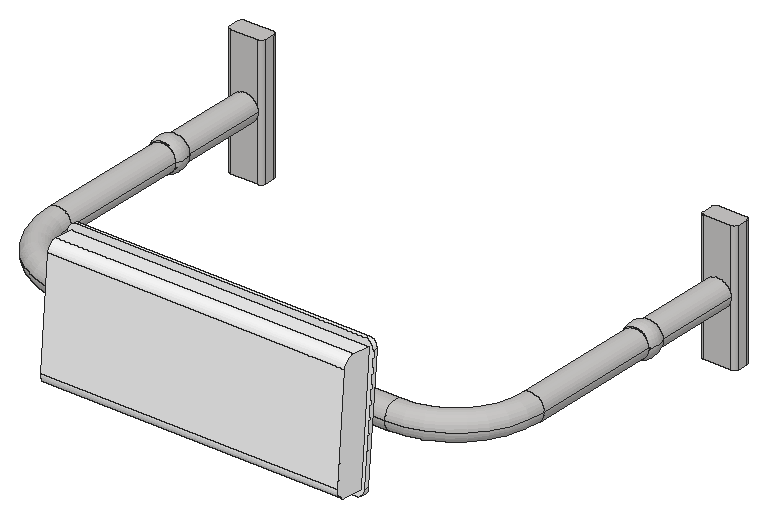
Revit family "rba-bim-rba4150-101", category Plumbing Fixtures, Revit 2015
Parameters (values of type "RBA4150-101")
  Watermarked By = "www.rba.com.au"
  URL = "http://www.rba.com.au/accessible-disabled/grab-rails"
  Phone Number = "1300 788 778"
  OFFSET = 600.00 mm
  Modified Issue = "20160802.01"
  Model = "RBA4150-101"
  Manufacturer = "RBA Group"
  Description = "Accessible Compliant Backrest"
  Copyrighted by = "RBA Group"  # constant formula
  BAR = Stainless Steel, Satin Finish
  Assembly Code = ""
  Accessible Compliant = "AS1428.1-2009 Compliant"
Reference planes
  plane 1 "Center (Front/Back)": y = 0
  plane 2: z = 0
  plane 3: x = 40.5
  plane 4: z = 600
Dimensions and locks
  "OFFSET": plane 4 to plane 2
  locked: plane 3 to nested 1 at 16
  plane 4 to level = 600.00 mm
  aligned and locked: nested 1 to plane 1 "Center (Front/Back)"
  aligned and locked: nested 1 to plane 4
Nested families
  nested 1: "rba-bim-rba4150-101" at (16, 0, 679.461), type "RBA4150-101"
    with R_Void 15.00 mm, R 0.00 mm
Definition of nested family "rba-bim-rba4150-101"
  Parameters (values of type "RBA4150-101")
    Watermarked By = "www.rba.com.au"
    URL = "http://www.rba.com.au/accessible-disabled/grab-rails"
    Seat = none
    R_Void [instance] = 15.00 mm
    R [instance] = 0.00 mm
    Model = "RBA4150-101"
    Manufacturer = "RBA Group"
    Description = "Backrest"
    Bar = none
    Assembly Code = ""
  Reference planes
    plane 1 "Center (Front/Back)": y = 0
    plane 2: z = 0
    plane 3: x = 40.5
    plane 4: y = -458
    plane 5: through (0, -420.934, 423.661) normal (0, -0.9962, 0.0872)
    plane 6: x = 605.5
    plane 7: z = 83.915
    plane 8: y = -125
    plane 9: y = -418
    plane 10: x = 40.5
    plane 11: x = 605.5
    plane 12: x = 205.5
    plane 13: x = 440.5
    plane 14: y = -391.81
    plane 15: x = 605.5
    plane 16: through (0, -391.81, 0) normal (0, 0.0872, 0.9962)
    plane 17: z = -80.085
  Forms (mm)
    Extrusion 1, solid
      sketch origin (434.319, -326.691, 4.921) x (0, 1, 0) y (0, 0, -1)
        loop
          line (-84.097, -71.275) -> (-97.04, 76.664) -> (-120.413, 74.619)
          arc (-120.413, 74.619) -> (-128.506, 70.406) -> (-131.25, 61.703) r 11.922
          line (-131.25, 61.703) -> (-120.385, -62.483)
          arc (-120.385, -62.483) -> (-116.172, -70.576) -> (-107.47, -73.32) r 11.922
          line (-107.47, -73.32) -> (-84.097, -71.275)
      from -66.181 to 288.819
    Revolve 2, solid
      sketch origin (0, 65, 0) x (1, 0, 0) y (0, 1, 0)
        loop
          arc (23.667, -190) -> (21.245, -200) -> (23.667, -210) r 21.852
          line (23.667, -210) -> (40.5, -210) -> (40.5, -190) -> (23.667, -190)
        axis (40.5, -210) -> (40.5, -190)
      angle from 0 to 360
    Revolve 3, solid
      sketch origin (646, 65, 0) x (-1, 0, 0) y (0, 1, 0)
        loop
          arc (23.667, -190) -> (21.245, -200) -> (23.667, -210) r 21.852
          line (23.667, -210) -> (40.5, -210) -> (40.5, -190) -> (23.667, -190)
        axis (40.5, -210) -> (40.5, -190)
      angle from 0 to 360
    Extrusion 4, solid
      sketch origin (0, 61.259, -40.006) x (1, 0, 0) y (0, 0.996195, -0.087156)
        loop
          line (165.5, -469.918) -> (165.5, -475.44) -> (478.632, -475.44) -> (478.632, -469.918) -> (165.5, -469.918)
      from -49.824 to 50.556
    Sweep 5, solid
      path origin (0, 67.191, 0) x (1, 0, 0) y (0, 1, 0)
        loop
          line (40.5, -83) -> (40.5, -368)
          arc (40.5, -368) -> (66.86, -431.64) -> (130.5, -458) r 90
          line (130.5, -458) -> (515.5, -458)
          arc (515.5, -458) -> (579.14, -431.64) -> (605.5, -368) r 90
          line (605.5, -368) -> (605.5, -83)
      profile origin (40.5, -158.309, 0) x (1, 0, 0) y (0, 0, 1)
        loop
          circle (0, 0) r 16
    Extrusion 6, solid
      sketch origin (0, -1.59, 0) x (1, 0, 0) y (0, 1, 0)
        loop
          arc (19.5, -15.41) -> (20.964, -18.945) -> (24.5, -20.41) r 5
          line (24.5, -20.41) -> (56.5, -20.41)
          arc (56.5, -20.41) -> (60.036, -18.945) -> (61.5, -15.41) r 5
          line (61.5, -15.41) -> (61.5, -3.41)
          arc (61.5, -3.41) -> (60.036, 0.126) -> (56.5, 1.59) r 5
          line (56.5, 1.59) -> (24.5, 1.59)
          arc (24.5, 1.59) -> (20.964, 0.126) -> (19.5, -3.41) r 5
          line (19.5, -3.41) -> (19.5, -15.41)
      from -76.789 to 77.211
    Extrusion 7, solid
      sketch origin (565, -1.59, 0) x (1, 0, 0) y (0, 1, 0)
        loop
          arc (19.5, -15.41) -> (20.964, -18.945) -> (24.5, -20.41) r 5
          line (24.5, -20.41) -> (56.5, -20.41)
          arc (56.5, -20.41) -> (60.036, -18.945) -> (61.5, -15.41) r 5
          line (61.5, -15.41) -> (61.5, -3.41)
          arc (61.5, -3.41) -> (60.036, 0.126) -> (56.5, 1.59) r 5
          line (56.5, 1.59) -> (24.5, 1.59)
          arc (24.5, 1.59) -> (20.964, 0.126) -> (19.5, -3.41) r 5
          line (19.5, -3.41) -> (19.5, -15.41)
      from -76.789 to 77.211
    Revolve 8, solid
      sketch origin (0, -1.491, -34.148) x (1, 0, 0) y (0, 0.996195, -0.087156)
        loop
          line (195.5, -391.81) -> (195.5, -401.81) -> (185.5, -401.81) -> (185.5, -407.81) -> (205.5, -407.81) -> (205.5, -391.81) -> (195.5, -391.81)
        axis (205.5, -407.81) -> (205.5, -391.81)
      angle from 0 to 360
    Revolve 9, solid
      sketch origin (235, -1.491, -34.148) x (1, 0, 0) y (0, 0.996195, -0.087156)
        loop
          line (195.5, -391.81) -> (195.5, -401.81) -> (185.5, -401.81) -> (185.5, -407.81) -> (205.5, -407.81) -> (205.5, -391.81) -> (195.5, -391.81)
        axis (205.5, -407.81) -> (205.5, -391.81)
      angle from 0 to 360
    Extrusion 10, solid
      sketch origin (0, -194.627, -17.878) x (1, 0, 0) y (0, 0.087156, 0.996195)
        loop
          line (150.5, -81.376) -> (495.5, -81.376)
          arc (495.5, -81.376) -> (502.571, -78.447) -> (505.5, -71.376) r 10
          line (505.5, -71.376) -> (505.5, 72.624)
          arc (505.5, 72.624) -> (502.571, 79.695) -> (495.5, 82.624) r 10
          line (495.5, 82.624) -> (150.5, 82.624)
          arc (150.5, 82.624) -> (143.429, 79.695) -> (140.5, 72.624) r 10
          line (140.5, 72.624) -> (140.5, -71.376)
          arc (140.5, -71.376) -> (143.429, -78.447) -> (150.5, -81.376) r 10
      from 218.537 to 223.537
  Cuts and joins
    joined: Revolve 2, Revolve 3
    joined: Sweep 5, Extrusion 6, Extrusion 7
    joined: Extrusion 1, Extrusion 10
    joined: Extrusion 4, Revolve 8, Revolve 9
  Dimensions and locks
    plane 1 "Center (Front/Back)" to plane 4 = 458.00 mm
    plane 3 to plane 6 = 565.00 mm
    cut or joined group of Revolve 2, Revolve 3 to plane 1 "Center (Front/Back)" = 125.00 mm
    Extrusion 6 sketch curve to Extrusion 6 sketch curve = 22.00 mm
    Extrusion 6 sketch curve to plane 10 to Extrusion 6 sketch curve = 21.00 mm, 21.00 mm
    Extrusion 7 sketch curve to Extrusion 7 sketch curve = 22.00 mm
    Extrusion 7 sketch curve to plane 11 to Extrusion 7 sketch curve = 21.00 mm, 21.00 mm
    plane 4 to plane 1 "Center (Front/Back)" = 458.00 mm
    plane 13 to plane 12 = 235.00 mm
    Extrusion 10 to Extrusion 10 = 365.00 mm
    plane 7 to plane 17 = 164.00 mm
    cut or joined group of Sweep 5, Extrusion 6, Extrusion 7 to cut or joined group of Sweep 5, Extrusion 6, Extrusion 7 = 154.00 mm
    angle level to Extrusion 1 = 95.00°
  Nested families
    nested 1: "FamilyID" at (24.5, 0, 0), type "FamilyID"
  Definition of nested family "FamilyID"
    Reference planes
      plane 1: y = 0
      plane 2: x = 0
    Text (mm)
      text "RBA COPYRIGHT" at (0.001, 0.001, 0)
